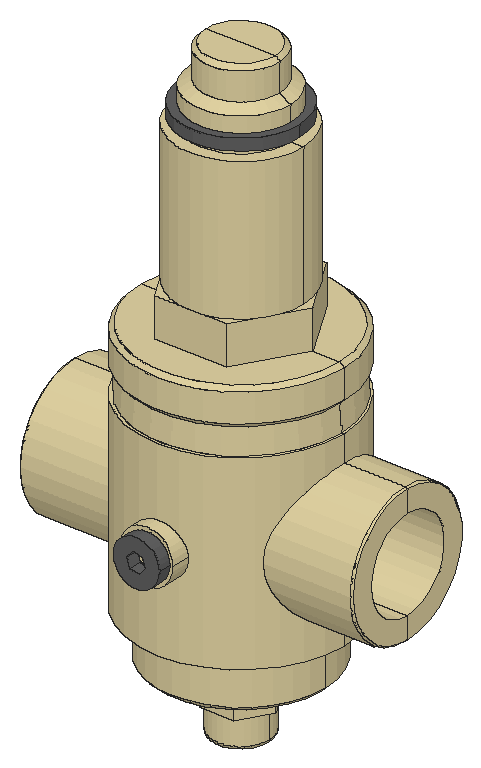
Revit family "HS00080000", category Apparecchi idraulici, Revit 2020
Family settings
  Quota connettore circolare = Usa diametro
  Tipo di parte = Normale
  Numero OmniClass = 23.45.00.00
  Titolo OmniClass = Sanitary, Laundry, and Cleaning Equipment
  Basato su piano di lavoro = No
  Sempre verticale = Sì
  Taglio con vuoti quando caricato = No
  Condiviso = No
  Punto di calcolo locali = No
Parameters
  URL = "https://web.cimberio.it/index.php/figura/892?subcategoria_id="
  Temperatura di esercizio = "0 ÷ 80°C"
  Prospetto di default = 0 mm
  Produttore = "CIMBERIO SPA"
  Pressione nominale = "PN 25"
  Modello = "Cim 1430"
  Materiale = "Prodotto in lega di ottone conforme alla norma EN 12165-CW617N-DW"
  Descrizione = "Utilizzato nei più svariati settori dell'impiantistica: reti di distribuzione acqua potabile, impianti di riscaldamento, condizionamento, igienico-sanitari e in generale con ogni fluido non corrosivo"
  DN Model [instance] = HS00081032 : HS00081032
  DN [instance] = 32 mm
  Commenti sul tipo = "Realizzato in ottemperanza ai requisiti gestionali della norma EN ISO 9001.\r\nCollaudato al 100% secondo la normativa EN 12266-1"
  Campo regolazione [instance] = "0,5 ÷ 6 bar"
Reference planes
  plane 1 "Centro (Fronte/Retro)": y = 0
  plane 2: z = 0
  plane 3 "Centro (Sinistra/Destra)": x = 0
Dimensions and locks
  aligned and locked: level to plane 2
Nested families
  nested 1: "HS00081032" at (0, 0, 0), type <- "DN Model", type "HS00081032"
  nested 2: "HS00081032" at (0, 0, 0), type <- "DN Model", type "HS00081032"
  nested 3: "HS00081032" at (0, 0, 0), type <- "DN Model", type "HS00081032"
  nested 4: "HS00081032" at (0, 0, 0), type <- "DN Model", type "HS00081032"
  nested 5: "HS00081032" at (0, 0, 0), type <- "DN Model", type "HS00081032"
Connectors
  piping at (58, 0, 0), diameter 32, driven by "DN"
    settings: on nested 1, index 1, connector inside diameter 609.6 mm, connector length 0 mm, flow factor 0, pipe flow 0.0 L/s, pressure drop 0.0 Pa, fitting loss kfactor 0, connector angle 0.00°, fixture units 0, engagement length 0 mm, angle of deflection 0.00°, flow configuration 0, flow direction 0, fitting loss method 0, system type 7, joint type 0, gender type 0, connector reference index -1, connector utility 0, adjustable connector no, is connector primary yes, connector description ""
  piping at (-58, 0, 0), diameter 32, driven by "DN"
    settings: on nested 1, index 2, connector inside diameter 609.6 mm, connector length 0 mm, flow factor 0, pipe flow 0.0 L/s, pressure drop 0.0 Pa, fitting loss kfactor 0, connector angle 0.00°, fixture units 0, engagement length 0 mm, angle of deflection 0.00°, flow configuration 0, flow direction 0, fitting loss method 0, system type 7, joint type 0, gender type 0, connector reference index -1, connector utility 0, adjustable connector no, is connector primary no, connector description ""
Definition of nested family "HS00081032"
  Parameters (values of type "HS00081032")
    Default Elevation = 0 mm
  Reference planes
    plane 1 "Centro (Fronte/Retro)": y = 0
    plane 2: z = 0
    plane 3 "Centro (Sinistra/Destra)": x = 0
  Forms (mm)
    Revolve 1, solid
      sketch origin (0, 0, 4.5) x (1, 0, 0) y (0, 0, 1)
        loop
          line (-16, 50.5) -> (-34.5, 50.5) -> (-36, 49) -> (-36, 39) -> (-34.5, 37.5) -> (-34.972, 28.501) -> (-36, 28.501) -> (-36, -37.5) -> (-31, -37.5) -> (-29.5, -40) -> (-29.5, -53) -> (-28, -54.5) -> (-16, -54.5) -> (-16, 50.5)
        axis (0, 50.5) -> (0, -54.5)
      angle from 0 to 360
    Revolve 2, solid
      sketch origin (0, 0, 63.5) x (1, 0, 0) y (0, 0, 1)
        loop
          line (0, 79) -> (-12, 79) -> (-13.5, 77.5) -> (-13.5, 68) -> (-17.5, 65.691) -> (-17.5, 54) -> (-22, 54) -> (-22, 5) -> (0, 5) -> (0, 79)
        axis (0, 79) -> (0, 5)
      angle from 0 to 360
    Revolve 3, solid
      sketch origin (0, 0, 0) x (1, 0, 0) y (0, 0, 1)
        loop
          line (-58, 16) -> (-22.731, 16) -> (-22.731, 24) -> (-57.36, 24) -> (-58, 23.5) -> (-58, 16)
        axis (-58, 0) -> (-22.731, 0)
      angle from 0 to 360
    Extrusion 4, solid
      sketch origin (0, 0, 0) x (1, 0, 0) y (0, 1, 0)
        loop
          line (12, 0) -> (6, 10.392) -> (-6, 10.392) -> (-12, 0) -> (-6, -10.392) -> (6, -10.392) -> (12, 0)
      from -62.5 to -50
    Revolve 5, solid
      sketch origin (0, 0, -22.5) x (1, 0, 0) y (0, 0, 1)
        loop
          line (0, -40) -> (0, -50.056) -> (9, -50.056)
          arc (9, -50.056) -> (9.707, -49.763) -> (10, -49.056) r 1
          line (10, -49.056) -> (10, -40) -> (0, -40)
        axis (0, -40) -> (0, -50.056)
      angle from 0 to 360
    Extrusion 6, solid
      sketch origin (0, 0, 8.063) x (1, 0, 0) y (0, 1, 0)
        loop
          circle (0, 0) r 17
        loop
          circle (0, 0) r 20.5
      from 111.937 to 115.937
    Extrusion 7, solid
      sketch origin (0, 0, 0) x (1, 0, 0) y (0, 0, 1)
        loop
          circle (0, 0) r 9.25
        loop
          line (-1.055, 3.299) -> (-3.385, 0.736) -> (-2.33, -2.564) -> (1.055, -3.299) -> (3.385, -0.736) -> (2.33, 2.564) -> (-1.055, 3.299)
      from -41 to 41
    Extrusion 8, solid
      sketch origin (0, 0, 0) x (1, 0, 0) y (0, 0, 1)
        loop
          circle (0, 0) r 8
        loop
          line (-3.385, 0.736) -> (-2.33, -2.564) -> (1.055, -3.299) -> (3.385, -0.736) -> (2.33, 2.564) -> (-1.055, 3.299) -> (-3.385, 0.736)
      from 41 to 45.5
    Extrusion 9, solid
      sketch origin (0, 0, 0) x (1, 0, 0) y (0, 0, -1)
        loop
          circle (0, 0) r 8
        loop
          line (-3.385, -0.736) -> (-1.055, -3.299) -> (2.33, -2.564) -> (3.385, 0.736) -> (1.055, 3.299) -> (-2.33, 2.564) -> (-3.385, -0.736)
      from 41 to 45.5
    Extrusion 10, solid
      sketch origin (0, 0, 0) x (0, -1, 0) y (1, 0, 0)
        loop
          line (0, 25) -> (-21.651, 12.5) -> (-21.651, -12.5) -> (0, -25) -> (21.651, -12.5) -> (21.651, 12.5) -> (0, 25)
      from 55 to 68.5
    Revolve 11, solid
      sketch origin (0, 0, 0) x (-1, 0, 0) y (0, 0, 1)
        loop
          line (-58, 16) -> (-22.731, 16) -> (-22.731, 24) -> (-57.36, 24) -> (-58, 23.5) -> (-58, 16)
        axis (-58, 0) -> (-22.731, 0)
      angle from 0 to 360
  Dimensions and locks
    aligned and locked: level to plane 2
